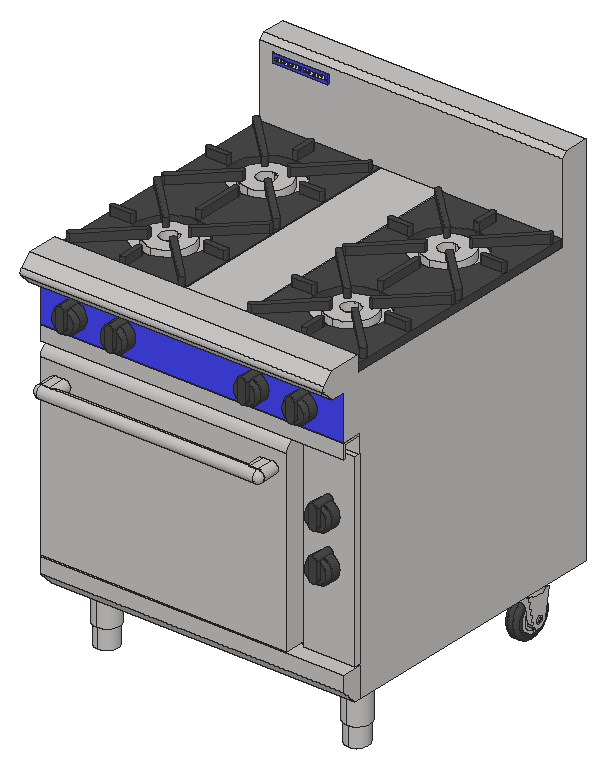
Revit family "QF_MOFFAT_BLUESEAL_CE_GE505D", category Specialty Equipment, Revit 2012 (continued)
Lines and regions (mm)
  symbolic lines
    curve 127: line (628.593, -512.407, 0) -> (741.73, -399.27, 0)
    curve 128: line (571.407, -562.593, 0) -> (458.27, -675.73, 0)
    curve 129: line (628.593, -562.593, 0) -> (741.73, -675.73, 0)
    curve 130: line (599.966, -96.281, 0) -> (599.966, -149.16, 0)
    curve 131: line (571.407, -269.593, 0) -> (458.27, -382.73, 0)
    curve 132: line (628.593, -269.593, 0) -> (741.73, -382.73, 0)
    curve 133: line (571.407, -205.407, 0) -> (458.27, -92.27, 0)
    curve 134: line (628.593, -205.407, 0) -> (741.73, -92.27, 0)
    curve 135: line (740.74, -241, 0) -> (690.74, -241, 0)
    curve 136: line (458.233, -241, 0) -> (509.959, -241, 0)
    curve 137: arc (600, -322.5, 150) -> (515, -237.5, 150) -> (600, -152.5, 150) r 85
    curve 138: arc (600, -152.5, 150) -> (685, -237.5, 150) -> (600, -322.5, 150) r 85
    curve 139: arc (600, -180.5, 150) -> (543, -237.5, 150) -> (600, -294.5, 150) r 57
    curve 140: arc (600, -294.5, 150) -> (657, -237.5, 150) -> (600, -180.5, 150) r 57
    curve 141: arc (600, -259.5, 150) -> (578, -237.5, 150) -> (600, -215.5, 150) r 22
    curve 142: arc (600, -215.5, 150) -> (622, -237.5, 150) -> (600, -259.5, 150) r 22
    curve 143: line (149.988, -331.778, 0) -> (149.988, -448.358, 0)
    curve 144: line (150.034, -681.268, 0) -> (150.034, -628.558, 0)
    curve 145: line (9.26, -537.634, 0) -> (59.26, -537.634, 0)
    curve 146: line (178.593, -512.407, 0) -> (291.73, -399.27, 0)
    curve 147: line (291.767, -537.634, 0) -> (240.041, -537.634, 0)
    curve 148: arc (150, -480.5, 150) -> (207, -537.5, 150) -> (150, -594.5, 150) r 57
    curve 149: arc (150, -594.5, 150) -> (93, -537.5, 150) -> (150, -480.5, 150) r 57
    curve 150: arc (150, -622.768, 150) -> (235, -537.768, 150) -> (150, -452.768, 150) r 85
    curve 151: arc (150, -452.768, 150) -> (65, -537.768, 150) -> (150, -622.768, 150) r 85
    curve 152: arc (150, -515.5, 150) -> (128, -537.5, 150) -> (150, -559.5, 150) r 22
    curve 153: arc (150, -559.5, 150) -> (172, -537.5, 150) -> (150, -515.5, 150) r 22
    curve 154: line (121.407, -512.407, 0) -> (8.27, -399.27, 0)
    curve 155: line (178.593, -562.593, 0) -> (291.73, -675.73, 0)
    curve 156: line (121.407, -562.593, 0) -> (8.27, -675.73, 0)
    curve 157: line (150.034, -96.281, 0) -> (150.034, -149.16, 0)
    curve 158: line (178.593, -269.593, 0) -> (291.73, -382.73, 0)
    curve 159: line (121.407, -269.593, 0) -> (8.27, -382.73, 0)
    curve 160: line (9.26, -241, 0) -> (59.26, -241, 0)
    curve 161: line (291.767, -241, 0) -> (240.041, -241, 0)
    curve 162: arc (150, -322.5, 150) -> (235, -237.5, 150) -> (150, -152.5, 150) r 85
    curve 163: arc (150, -152.5, 150) -> (65, -237.5, 150) -> (150, -322.5, 150) r 85
    curve 164: arc (150, -180.5, 150) -> (207, -237.5, 150) -> (150, -294.5, 150) r 57
    curve 165: arc (150, -294.5, 150) -> (93, -237.5, 150) -> (150, -180.5, 150) r 57
    curve 166: arc (150, -259.5, 150) -> (172, -237.5, 150) -> (150, -215.5, 150) r 22
    curve 167: arc (150, -215.5, 150) -> (128, -237.5, 150) -> (150, -259.5, 150) r 22
    curve 168: line (178.593, -205.407, 0) -> (291.73, -92.27, 0)
    curve 169: line (121.407, -205.407, 0) -> (8.27, -92.27, 0)
    curve 170: line (32.794, -18.385, 150) -> (260.753, -18.385, 150)
    curve 171: arc (260.753, -18.385, 150) -> (265.753, -19.725, 150) -> (269.413, -23.385, 150) r 10
    curve 172: line (269.413, -23.385, 150) -> (273.455, -30.385, 150)
    curve 173: arc (273.455, -30.385, 150) -> (273.455, -40.385, 150) -> (264.794, -45.385, 150) r 10
    curve 174: line (264.794, -45.385, 150) -> (36.836, -45.385, 150)
    curve 175: arc (36.836, -45.385, 150) -> (31.836, -44.045, 150) -> (28.176, -40.385, 150) r 10
    curve 176: line (28.176, -40.385, 150) -> (24.134, -33.385, 150)
    curve 177: arc (24.134, -33.385, 150) -> (24.134, -23.385, 150) -> (32.794, -18.385, 150) r 10
    curve 178: line (710.753, -18.385, 150) -> (482.794, -18.385, 150)
    curve 179: arc (482.794, -18.385, 150) -> (474.134, -23.385, 150) -> (474.134, -33.385, 150) r 10
    curve 180: line (474.134, -33.385, 150) -> (478.176, -40.385, 150)
    curve 181: arc (478.176, -40.385, 150) -> (481.836, -44.045, 150) -> (486.836, -45.385, 150) r 10
    curve 182: line (486.836, -45.385, 150) -> (714.794, -45.385, 150)
    curve 183: arc (714.794, -45.385, 150) -> (723.455, -40.385, 150) -> (723.455, -30.385, 150) r 10
    curve 184: line (723.455, -30.385, 150) -> (719.413, -23.385, 150)
    curve 185: arc (719.413, -23.385, 150) -> (715.753, -19.725, 150) -> (710.753, -18.385, 150) r 10
    curve 186: line (0, -783.97, 150) -> (750, -783.97, 150)
    curve 187: line (0, -57.5, 150) -> (750, -57.5, 150)
  symbolic lines, style "QF_Door-Drawer Clearances", visible <- "Show Clearance"
    curve 116: line (0, -812, 0) -> (0, -1211.516, 0)
    curve 117: line (0, -1211.516, 0) -> (610, -1211.516, 0)
    curve 118: line (610, -1211.516, 0) -> (610, -812, 0)
Dimensions and locks
  equal spacing: plane 3 "LEFT", plane 7 "Center Y", plane 4 "RIGHT"
  "Width": plane 3 "LEFT" to plane 4 "RIGHT"
  equal spacing: plane 5 "FRONT", plane 8 "Center X", plane 1 "BACK"
  "Depth": plane 5 "FRONT" to plane 1 "BACK"
  equal spacing: plane 4 "RIGHT", plane 7 "Center Y", plane 3 "LEFT"
  plane 4 "RIGHT" to plane 3 "LEFT" = 750 mm
  plane 6 "TOP" to level = 970 mm  (x2)
  Extrusion 2 to level = 655 mm
  Extrusion 2 to plane 1 "BACK" = 32 mm
  plane 5 "FRONT" to plane 1 "BACK" = 812 mm
  Extrusion 1 to level = 915 mm
  plane 10 "Base Height" to level = 150 mm
  plane 6 "TOP" to plane 2 = 970 mm
  locked: plane 2 to Extrusion 1 sketch curve at 875
  locked: plane 2 to Extrusion 1 sketch curve at 915
  Extrusion 4 sketch curve to plane 11 = 64.8 mm
  locked: plane 13 to plane 4 "RIGHT" at 65
  plane 14 to Extrusion 9 sketch curve = 64.8 mm
  plane 1 "BACK" to plane 15 = 500 mm
  plane 17 to level = 1085 mm
  Extrusion 29 sketch curve to plane 1 "BACK" = 501 mm
  Extrusion 29 sketch curve to plane 4 "RIGHT" = 74 mm
  "Height": plane 17 to level
  Revolve 33 sketch curve to Revolve 33 sketch curve = 50.8 mm
  Revolve 37 sketch curve to Revolve 37 sketch curve = 50.8 mm
  aligned and locked: level to plane 2
  aligned and locked: curve 3 to plane 4 "RIGHT"
  aligned and locked: Extrusion 4 to curve 7
  aligned and locked: Extrusion 1 to plane 4 "RIGHT"
  aligned and locked: Revolve 6 to plane 13  (x5)
  aligned and locked: Extrusion 7 to Extrusion 4
Automatic sketch dimensions
  curve 8 to curve 9 = 0 mm  (x2)
  curve 10 to curve 11 = 0 mm  (x2)
  curve 12 to curve 13 = 0 mm  (x2)
  curve 14 to curve 15 = 0 mm  (x2)
  curve 16 to curve 17 = 0 mm  (x2)
  curve 18 to curve 19 = 0 mm  (x2)
  curve 20 to curve 21 = 0 mm  (x2)
  curve 22 to curve 23 = 0 mm  (x2)
  curve 24 to curve 25 = 0 mm  (x2)
  curve 26 to curve 27 = 0 mm  (x2)
  curve 28 to curve 29 = 0 mm  (x2)
  curve 30 to curve 31 = 0 mm  (x2)
  curve 32 to curve 33 = 0 mm  (x2)
  curve 34 to curve 35 = 0 mm  (x2)
  curve 36 to curve 37 = 0 mm  (x2)
  curve 38 to curve 39 = 0 mm  (x2)
  curve 40 to curve 41 = 0 mm  (x2)
  curve 42 to curve 43 = 0 mm  (x2)
  curve 44 to curve 45 = 0 mm  (x2)
  curve 46 to curve 47 = 0 mm  (x2)
  curve 48 to curve 49 = 0 mm  (x2)
  curve 50 to curve 51 = 0 mm  (x2)
  curve 52 to curve 53 = 0 mm  (x2)
  curve 54 to curve 55 = 0 mm  (x2)
  curve 56 to curve 57 = 0 mm  (x2)
  curve 58 to curve 59 = 0 mm  (x2)
  curve 60 to curve 61 = 0 mm  (x2)
  curve 62 to curve 63 = 0 mm  (x2)
  curve 64 to curve 65 = 0 mm  (x2)
  curve 66 to curve 67 = 0 mm  (x2)
  curve 68 to curve 69 = 0 mm  (x2)
  curve 70 to curve 71 = 0 mm  (x2)
  curve 72 to curve 73 = 0 mm  (x2)
  curve 74 to curve 75 = 0 mm  (x2)
  curve 76 to curve 77 = 0 mm  (x2)
  curve 78 to curve 79 = 0 mm  (x2)
  curve 80 to curve 81 = 0 mm  (x2)
  curve 82 to curve 83 = 0 mm  (x2)
  curve 84 to curve 85 = 0 mm  (x2)
  curve 86 to curve 87 = 0 mm  (x2)
  curve 88 to curve 89 = 0 mm  (x2)
  curve 90 to curve 91 = 0 mm  (x2)
  curve 92 to curve 93 = 0 mm  (x2)
  curve 94 to curve 95 = 0 mm  (x2)
  curve 96 to curve 97 = 0 mm  (x2)
  curve 98 to curve 99 = 0 mm  (x2)
  curve 100 to curve 101 = 0 mm  (x2)
  curve 102 to curve 103 = 0 mm  (x2)
  curve 104 to curve 105 = 0 mm  (x2)
  curve 106 to curve 107 = 0 mm  (x2)
  curve 108 to curve 109 = 0 mm  (x2)
  plane 1 "BACK" to curve 1 = 0 mm
  curve 1 to plane 3 "LEFT" = 0 mm
  curve 71 to plane 7 "Center Y" = 0 mm
  curve 52 to plane 7 "Center Y" = 0 mm
  curve 22 to plane 7 "Center Y" = 0 mm
  curve 17 to plane 7 "Center Y" = 0 mm
  curve 11 to plane 7 "Center Y" = 0 mm
  curve 47 to plane 7 "Center Y" = 0 mm
  curve 58 to plane 7 "Center Y" = 0 mm
  curve 107 to plane 7 "Center Y" = 0 mm
  curve 64 to plane 7 "Center Y" = 0 mm
  curve 101 to plane 7 "Center Y" = 0 mm
  curve 41 to plane 7 "Center Y" = 0 mm
  curve 28 to plane 7 "Center Y" = 0 mm
  curve 95 to plane 7 "Center Y" = 0 mm
  curve 76 to plane 7 "Center Y" = 0 mm
  curve 89 to plane 7 "Center Y" = 0 mm
  curve 35 to plane 7 "Center Y" = 0 mm
  curve 82 to plane 7 "Center Y" = 0 mm
  plane 5 "FRONT" to curve 118 = 0 mm
  plane 3 "LEFT" to curve 159 = 8.27 mm
  plane 3 "LEFT" to curve 156 = 8.27 mm
  plane 3 "LEFT" to curve 154 = 8.27 mm
  plane 3 "LEFT" to curve 169 = 8.27 mm
  plane 3 "LEFT" to curve 145 = 9.26 mm
  plane 3 "LEFT" to curve 160 = 9.26 mm
  curve 145 to curve 145 = 50 mm
  curve 160 to curve 160 = 50 mm
  curve 145 to curve 156 = 62.147 mm
  curve 160 to curve 169 = 62.147 mm
  curve 159 to curve 169 = 0 mm
  curve 154 to plane 15 = 12.407 mm
  curve 154 to curve 156 = 0 mm
  curve 154 to curve 143 = 28.581 mm
  curve 156 to curve 144 = 28.628 mm
  curve 169 to curve 157 = 28.628 mm
  curve 159 to curve 158 = 57.187 mm
  curve 169 to curve 168 = 57.187 mm
  curve 146 to plane 15 = 12.407 mm
  curve 154 to curve 146 = 57.187 mm
  curve 155 to plane 15 = 62.593 mm
  curve 155 to curve 146 = 0 mm
  curve 158 to curve 161 = 61.447 mm
  curve 155 to curve 147 = 61.447 mm
  plane 8 "Center X" to curve 146 = 6.73 mm
  curve 146 to curve 7 = 8.27 mm  (x2)
  curve 155 to curve 119 = 8.27 mm
  plane 9 to curve 168 = 7.73 mm
  curve 168 to curve 119 = 8.27 mm
  plane 8 "Center X" to curve 158 = 23.27 mm
  curve 158 to curve 7 = 8.27 mm
  curve 147 to curve 147 = 51.727 mm
  curve 161 to curve 161 = 51.727 mm
  curve 15 to curve 16 = 47.424 mm
  curve 9 to curve 14 = 0 mm
  curve 20 to curve 14 = 0 mm
  curve 155 to curve 105 = 35.846 mm
  curve 99 to curve 104 = 0 mm
  curve 26 to curve 20 = 0 mm
  curve 93 to curve 98 = 0 mm
  curve 87 to curve 92 = 0 mm
  curve 32 to curve 26 = 0 mm
  curve 81 to curve 86 = 0 mm
  plane 15 to curve 75 = 2.963 mm
  curve 75 to curve 80 = 0 mm
  curve 38 to curve 32 = 0 mm
  curve 68 to curve 74 = 0 mm
  curve 63 to curve 68 = 0 mm
  curve 44 to curve 38 = 0 mm
  plane 8 "Center X" to curve 57 = 10.963 mm
  curve 57 to curve 62 = 0 mm
  curve 51 to curve 56 = 0 mm
  curve 85 to plane 15 = 31.037 mm
  curve 82 to curve 85 = 47.424 mm
  curve 29 to curve 31 = 47.424 mm
  curve 36 to curve 30 = 0 mm
  plane 15 to curve 79 = 2.963 mm
  curve 79 to curve 84 = 0 mm
  curve 90 to curve 84 = 0 mm
  curve 73 to curve 78 = 0 mm
  curve 96 to curve 90 = 0 mm
  curve 25 to curve 30 = 0 mm
  curve 42 to curve 36 = 0 mm
  curve 67 to curve 72 = 0 mm
  curve 102 to curve 96 = 0 mm
  plane 8 "Center X" to curve 61 = 10.963 mm
  curve 61 to curve 66 = 0 mm
  curve 108 to curve 102 = 0 mm
  curve 48 to curve 42 = 0 mm
  curve 12 to plane 9 = 15.037 mm
  curve 10 to curve 12 = 47.424 mm
  curve 55 to curve 60 = 0 mm
  curve 18 to curve 12 = 0 mm
  curve 12 to curve 120 = 27.576 mm
  curve 36 to curve 136 = 35.809 mm
  curve 84 to curve 115 = 35.809 mm
  plane 9 to curve 133 = 7.73 mm
  curve 120 to curve 133 = 8.27 mm
  curve 120 to curve 128 = 8.27 mm
  plane 8 "Center X" to curve 113 = 6.73 mm
  curve 114 to curve 113 = 8.27 mm
  plane 8 "Center X" to curve 131 = 23.27 mm
  curve 114 to curve 131 = 8.27 mm
  curve 115 to curve 115 = 51.727 mm
  curve 136 to curve 136 = 51.727 mm
  curve 128 to plane 12 = 48.593 mm
  curve 131 to plane 12 = 48.593 mm
  curve 113 to plane 15 = 12.407 mm
  curve 113 to plane 12 = 48.593 mm
  curve 133 to plane 12 = 48.593 mm
  plane 9 to curve 130 = 3.719 mm
  curve 130 to plane 12 = 20.034 mm
  curve 111 to plane 12 = 20.034 mm
  curve 110 to plane 12 = 19.988 mm
  curve 118 to plane 12 = 10 mm
  plane 12 to curve 129 = 8.593 mm
  plane 12 to curve 132 = 8.593 mm
  plane 12 to curve 134 = 8.593 mm
  plane 12 to curve 127 = 8.593 mm
  curve 112 to plane 13 = 5.74 mm
  curve 135 to plane 13 = 5.74 mm
  plane 4 "RIGHT" to curve 112 = 9.26 mm
  plane 4 "RIGHT" to curve 135 = 9.26 mm
  plane 4 "RIGHT" to curve 134 = 8.27 mm
  plane 4 "RIGHT" to curve 132 = 8.27 mm
  plane 4 "RIGHT" to curve 129 = 8.27 mm
  plane 4 "RIGHT" to curve 127 = 8.27 mm
  curve 117 to curve 118 = 399.516 mm
  curve 119 to plane 5 "FRONT" = 107 mm
  curve 111 to plane 5 "FRONT" = 130.732 mm
  curve 144 to curve 155 = 118.675 mm
  curve 119 to curve 155 = 29.27 mm
  curve 120 to curve 128 = 29.27 mm
  curve 5 to curve 129 = 29.27 mm
  curve 5 to curve 156 = 29.27 mm
  curve 128 to curve 109 = 8.693 mm
  curve 155 to curve 104 = 8.693 mm
  curve 106 to curve 108 = 0 mm
  curve 106 to curve 106 = 8 mm
  curve 104 to curve 105 = 8 mm
  curve 108 to curve 109 = 8 mm
  curve 106 to curve 100 = 18 mm
  curve 104 to curve 99 = 18 mm
  curve 108 to curve 102 = 18 mm
  curve 144 to curve 144 = 52.71 mm
  curve 111 to curve 111 = 52.71 mm
  curve 98 to curve 98 = 8 mm
  curve 100 to curve 100 = 8 mm
  curve 102 to curve 102 = 8 mm
  curve 98 to curve 93 = 18 mm
  curve 102 to curve 97 = 18 mm
  curve 100 to curve 94 = 18 mm
  curve 92 to curve 93 = 8 mm
  curve 94 to curve 94 = 8 mm
  curve 96 to curve 97 = 8 mm
  curve 92 to curve 87 = 18 mm
  curve 94 to curve 88 = 18 mm
  curve 96 to curve 90 = 18 mm
  curve 156 to curve 154 = 50.187 mm
  curve 128 to curve 113 = 50.187 mm
  curve 128 to curve 129 = 0 mm
  curve 90 to curve 90 = 8 mm
  curve 88 to curve 89 = 8 mm
  curve 86 to curve 87 = 8 mm
  curve 115 to curve 84 = 6.597 mm
  curve 147 to plane 15 = 37.634 mm
  curve 112 to plane 15 = 37.634 mm
  curve 145 to plane 15 = 37.634 mm
  curve 86 to curve 80 = 18 mm
  curve 88 to curve 82 = 18 mm
  curve 84 to curve 84 = 8 mm
  curve 80 to curve 81 = 8 mm
  curve 82 to curve 82 = 8 mm
  curve 127 to plane 15 = 12.407 mm
  plane 15 to curve 77 = 2.963 mm
  curve 78 to curve 79 = 8 mm
  curve 74 to curve 74 = 8 mm
  curve 76 to curve 76 = 8 mm
  curve 76 to curve 71 = 18 mm
  curve 74 to curve 68 = 18 mm
  curve 78 to curve 73 = 18 mm
  curve 72 to curve 73 = 8 mm
  curve 68 to curve 69 = 8 mm
  curve 70 to curve 70 = 8 mm
  curve 143 to plane 8 "Center X" = 42.358 mm
  curve 110 to plane 8 "Center X" = 42.358 mm
  curve 72 to curve 67 = 18 mm
  curve 68 to curve 63 = 18 mm
  curve 70 to curve 64 = 18 mm
  curve 66 to curve 66 = 8 mm
  curve 62 to curve 63 = 8 mm
  curve 64 to curve 65 = 8 mm
  plane 8 "Center X" to curve 127 = 6.73 mm
  plane 8 "Center X" to curve 154 = 6.73 mm
  plane 8 "Center X" to curve 59 = 10.963 mm
  curve 113 to curve 114 = 8.27 mm
  curve 58 to curve 59 = 8 mm
  curve 60 to curve 61 = 8 mm
  curve 56 to curve 56 = 8 mm
  curve 114 to curve 132 = 8.27 mm
  curve 7 to curve 159 = 8.27 mm
  curve 56 to curve 51 = 18 mm
  curve 60 to curve 54 = 18 mm
  curve 58 to curve 52 = 18 mm
  curve 52 to curve 52 = 8 mm
  curve 54 to curve 55 = 8 mm
  curve 50 to curve 50 = 8 mm
  plane 8 "Center X" to curve 143 = 74.222 mm
  curve 50 to curve 45 = 18 mm
  curve 54 to curve 49 = 18 mm
  curve 52 to curve 47 = 18 mm
  plane 8 "Center X" to curve 110 = 80 mm
  curve 48 to curve 49 = 8 mm
  curve 44 to curve 45 = 8 mm
  curve 46 to curve 46 = 8 mm
  curve 46 to curve 40 = 18 mm
  curve 44 to curve 38 = 18 mm
  curve 48 to curve 43 = 18 mm
  curve 38 to curve 38 = 8 mm
  curve 40 to curve 41 = 8 mm
  curve 42 to curve 43 = 8 mm
  curve 143 to curve 158 = 62.185 mm
  curve 110 to curve 132 = 56.407 mm
  curve 131 to curve 132 = 0 mm
  curve 159 to curve 158 = 0 mm
  curve 40 to curve 34 = 18 mm
  curve 42 to curve 37 = 18 mm
  curve 38 to curve 32 = 18 mm
  curve 36 to curve 36 = 8 mm
  curve 34 to curve 34 = 8 mm
  curve 32 to curve 33 = 8 mm
  curve 32 to curve 161 = 2.037 mm
  curve 36 to curve 136 = 2.037 mm
  curve 159 to curve 160 = 28.593 mm
  curve 132 to curve 135 = 28.593 mm
  curve 32 to curve 26 = 18 mm
  curve 34 to curve 28 = 18 mm
  curve 36 to curve 31 = 18 mm
  curve 30 to curve 30 = 8 mm
  curve 28 to curve 28 = 8 mm
  curve 26 to curve 26 = 8 mm
  curve 131 to curve 133 = 64.187 mm
  curve 158 to curve 168 = 64.187 mm
  curve 169 to curve 168 = 0 mm
  curve 133 to curve 134 = 0 mm
  curve 28 to curve 22 = 18 mm
  curve 30 to curve 24 = 18 mm
  curve 26 to curve 21 = 18 mm
  curve 20 to curve 20 = 8 mm
  curve 24 to curve 25 = 8 mm
  curve 22 to curve 22 = 8 mm
  curve 20 to curve 15 = 18 mm
  curve 22 to curve 17 = 18 mm
  curve 24 to curve 19 = 18 mm
  curve 157 to plane 9 = 49.16 mm
  curve 130 to plane 9 = 49.16 mm
  curve 14 to curve 14 = 8 mm
  curve 16 to curve 17 = 8 mm
  curve 18 to curve 19 = 8 mm
  curve 16 to curve 11 = 18 mm
  curve 12 to curve 12 = 8 mm
  curve 14 to curve 9 = 18 mm
  curve 8 to curve 9 = 8 mm
  curve 10 to curve 11 = 8 mm
  plane 9 to curve 157 = 3.719 mm
  plane 9 to curve 169 = 7.73 mm
  plane 9 to curve 134 = 7.73 mm
  curve 133 to curve 120 = 18.27 mm
  curve 134 to curve 6 = 22.27 mm
  Extrusion 1 sketch curve to plane 10 "Base Height" = 0 mm
  Extrusion 1 sketch curve to plane 17 = 0 mm
  Extrusion 1 sketch curve to plane 1 "BACK" = 0 mm
  plane 9 to Extrusion 1 sketch curve = 42.5 mm
  plane 9 to Extrusion 1 sketch curve = 30 mm
  Extrusion 1 sketch curve to plane 5 "FRONT" = 113 mm
  Extrusion 1 sketch curve to plane 5 "FRONT" = 107 mm
  Extrusion 1 sketch curve to Extrusion 1 sketch curve = 50 mm
  Extrusion 1 sketch curve to plane 5 "FRONT" = 28.03 mm
  Extrusion 1 sketch curve to plane 5 "FRONT" = 27.03 mm
  Extrusion 1 sketch curve to plane 5 "FRONT" = 12.032 mm
  Extrusion 1 sketch curve to plane 5 "FRONT" = 3.531 mm  (x2)
  Extrusion 1 sketch curve to Extrusion 1 sketch curve = 135 mm
  Extrusion 1 sketch curve to Extrusion 1 sketch curve = 25 mm
  Extrusion 1 sketch curve to Extrusion 1 sketch curve = 23.499 mm
  Extrusion 1 sketch curve to Extrusion 1 sketch curve = 8.501 mm
  Extrusion 1 sketch curve to plane 17 = 12.5 mm
  plane 12 to Extrusion 2 sketch curve = 0.062 mm
  plane 1 "BACK" to Extrusion 2 sketch curve = 32 mm
  Revolve 3 sketch curve to plane 10 "Base Height" = 0 mm
  Revolve 3 sketch curve to level = 0 mm
  level to Revolve 3 sketch curve = 50 mm
  Revolve 3 sketch curve to plane 5 "FRONT" = 155.25 mm
  Revolve 3 sketch curve to Revolve 3 sketch curve = 4.25 mm
  Revolve 3 sketch curve to Revolve 3 sketch curve = 27.5 mm  (x2)
  Revolve 3 sketch curve to Revolve 3 sketch curve = 55 mm
  Revolve 3 sketch curve to Revolve 3 sketch curve = 0 mm
  plane 9 to Extrusion 4 sketch curve = 29 mm
  Extrusion 4 sketch curve to Extrusion 4 sketch curve = 3 mm  (x3)
  Extrusion 4 sketch curve to plane 9 = 137.5 mm
  Extrusion 4 sketch curve to plane 15 = 37.768 mm
  Extrusion 4 sketch curve to plane 5 "FRONT" = 110 mm  (x2)
  Extrusion 4 sketch curve to plane 11 = 84.2 mm  (x2)
  Extrusion 4 sketch curve to plane 7 "Center Y" = 78 mm
  Extrusion 5 sketch curve to Extrusion 4 = 19.102 mm  (x4)
  Extrusion 5 sketch curve to Extrusion 5 sketch curve = 4.525 mm  (x32)
  Extrusion 5 sketch curve to Extrusion 4 = 27.593 mm  (x2)
  Extrusion 5 sketch curve to Extrusion 5 sketch curve = 48.456 mm  (x8)
  Extrusion 5 sketch curve to Extrusion 5 sketch curve = 50.976 mm  (x2)
  Extrusion 5 sketch curve to Extrusion 5 sketch curve = 0 mm  (x8)
  Extrusion 5 sketch curve to Extrusion 5 sketch curve = 27.39 mm  (x4)
  Extrusion 5 sketch curve to Extrusion 4 = 9.156 mm  (x2)
  Extrusion 5 sketch curve to Extrusion 5 sketch curve = 6.4 mm  (x14)
  Extrusion 5 sketch curve to Extrusion 5 sketch curve = 20.658 mm  (x4)
  Extrusion 5 sketch curve to Extrusion 5 sketch curve = 55.923 mm  (x2)
  Extrusion 5 sketch curve to Extrusion 4 = 5.102 mm  (x3)
  Extrusion 5 sketch curve to Extrusion 5 sketch curve = 128.581 mm  (x4)
  Extrusion 4 to Extrusion 5 sketch curve = 156.102 mm  (x3)
  Extrusion 5 sketch curve to Extrusion 4 = 6.102 mm  (x2)
  Extrusion 5 sketch curve to Extrusion 4 = 14.153 mm
  Extrusion 5 sketch curve to Extrusion 5 sketch curve = 12.205 mm  (x4)
  Extrusion 5 sketch curve to Extrusion 5 sketch curve = 112.454 mm  (x2)
  Extrusion 5 sketch curve to Extrusion 5 sketch curve = 59.673 mm  (x2)
  Extrusion 5 sketch curve to Extrusion 5 sketch curve = 17.024 mm  (x4)
  Extrusion 5 sketch curve to Extrusion 5 sketch curve = 46.847 mm  (x4)
  Extrusion 5 sketch curve to Extrusion 5 sketch curve = 62.169 mm  (x2)
  Extrusion 5 sketch curve to Extrusion 4 = 36.153 mm  (x4)
  Extrusion 5 sketch curve to Extrusion 4 = 23.4 mm  (x2)
  Extrusion 5 sketch curve to Extrusion 5 sketch curve = 55.413 mm  (x5)
  Extrusion 5 sketch curve to Extrusion 5 sketch curve = 20.524 mm  (x6)
  Extrusion 5 sketch curve to Extrusion 5 sketch curve = 53.847 mm  (x8)
  Extrusion 5 sketch curve to Extrusion 4 = 58.364 mm  (x2)
  Extrusion 5 sketch curve to Extrusion 4 = 15.153 mm
  Extrusion 5 sketch curve to Extrusion 4 = 9.908 mm  (x2)
  Extrusion 5 sketch curve to Extrusion 5 sketch curve = 9.051 mm
  Extrusion 5 sketch curve to Extrusion 5 sketch curve = 3.806 mm  (x2)
  Extrusion 5 sketch curve to Extrusion 5 sketch curve = 55.661 mm  (x3)
  Extrusion 5 sketch curve to Extrusion 5 sketch curve = 128.447 mm  (x3)
  Revolve 6 sketch curve to plane 10 "Base Height" = 0 mm
  Revolve 6 sketch curve to level = 0 mm
  level to Revolve 6 sketch curve = 50 mm
  Revolve 6 sketch curve to plane 5 "FRONT" = 155.25 mm
  Revolve 6 sketch curve to Revolve 6 sketch curve = 4.25 mm
  Revolve 6 sketch curve to Revolve 6 sketch curve = 27.5 mm  (x2)
  Revolve 6 sketch curve to Revolve 6 sketch curve = 0 mm
  Revolve 6 sketch curve to Revolve 6 sketch curve = 55 mm
  Extrusion 1 to Extrusion 7 sketch curve = 0 mm
  Extrusion 7 sketch curve to Extrusion 1 = 1 mm
  Extrusion 1 to Extrusion 7 sketch curve = 300 mm
  Extrusion 7 sketch curve to Extrusion 7 sketch curve = 150 mm
  plane 12 to Extrusion 8 sketch curve = 5 mm
  Extrusion 8 sketch curve to plane 6 "TOP" = 277.5 mm
  Extrusion 8 sketch curve to plane 12 = 10 mm
  plane 10 "Base Height" to Extrusion 8 sketch curve = 77.5 mm
  Split face 1 sketch curve to Extrusion 7 = 45.037 mm
  Split face 1 sketch curve to Extrusion 7 = 27.576 mm
  Split face 2 sketch curve to Extrusion 7 = 45.037 mm
  Split face 2 sketch curve to Extrusion 7 = 75 mm
  Split face 3 sketch curve to Extrusion 7 = 45.037 mm
  Split face 3 sketch curve to Extrusion 7 = 27.576 mm
  Split face 4 sketch curve to Extrusion 7 = 27.576 mm
  Split face 4 sketch curve to Extrusion 7 = 79.037 mm
  Split face 5 sketch curve to Extrusion 7 = 79.037 mm
  Split face 5 sketch curve to Extrusion 7 = 75 mm
  Split face 6 sketch curve to Extrusion 7 = 27.576 mm
  Split face 6 sketch curve to Extrusion 7 = 79.037 mm
  Split face 7 sketch curve to Extrusion 7 = 27.576 mm
  Split face 7 sketch curve to Extrusion 7 = 113.037 mm
  Split face 8 sketch curve to Extrusion 7 = 113.037 mm
  Split face 8 sketch curve to Extrusion 7 = 75 mm
  Split face 9 sketch curve to Extrusion 7 = 27.576 mm
  Split face 9 sketch curve to Extrusion 7 = 113.037 mm
  Split face 10 sketch curve to Extrusion 7 = 27.576 mm
  Split face 10 sketch curve to Extrusion 7 = 147.037 mm
  Split face 11 sketch curve to Extrusion 7 = 147.037 mm
  Split face 11 sketch curve to Extrusion 7 = 75 mm
  Split face 12 sketch curve to Extrusion 7 = 27.576 mm
  Split face 12 sketch curve to Extrusion 7 = 147.037 mm
  Split face 13 sketch curve to Extrusion 7 = 27.576 mm
  Split face 13 sketch curve to Extrusion 7 = 181.037 mm
  Split face 14 sketch curve to Extrusion 7 = 75 mm
  Split face 14 sketch curve to Extrusion 7 = 181.037 mm
  Split face 15 sketch curve to Extrusion 7 = 27.576 mm
  Split face 15 sketch curve to Extrusion 7 = 181.037 mm
  Split face 16 sketch curve to Extrusion 7 = 27.576 mm
  Split face 16 sketch curve to Extrusion 7 = 215.037 mm
  Split face 17 sketch curve to Extrusion 7 = 75 mm
  Split face 17 sketch curve to Extrusion 7 = 215.037 mm
  Split face 18 sketch curve to Extrusion 7 = 27.576 mm
  Split face 18 sketch curve to Extrusion 7 = 215.037 mm
  Split face 19 sketch curve to Extrusion 7 = 27.576 mm
  Split face 19 sketch curve to Extrusion 7 = 249.037 mm
  Split face 20 sketch curve to Extrusion 7 = 75 mm
  Split face 20 sketch curve to Extrusion 7 = 249.037 mm
  Split face 21 sketch curve to Extrusion 7 = 27.576 mm
  Split face 21 sketch curve to Extrusion 7 = 249.037 mm
  Split face 22 sketch curve to Extrusion 7 = 27.576 mm
  Split face 22 sketch curve to Extrusion 7 = 283.037 mm
  Split face 23 sketch curve to Extrusion 7 = 75 mm
  Split face 23 sketch curve to Extrusion 7 = 283.037 mm
  Split face 24 sketch curve to Extrusion 7 = 27.576 mm
  Split face 24 sketch curve to Extrusion 7 = 283.037 mm
  Split face 25 sketch curve to Extrusion 7 = 27.576 mm
  Split face 25 sketch curve to Extrusion 7 = 316.963 mm
  Split face 26 sketch curve to Extrusion 7 = 75 mm
  Split face 26 sketch curve to Extrusion 7 = 316.963 mm
  Split face 27 sketch curve to Extrusion 7 = 27.576 mm
  Split face 27 sketch curve to Extrusion 7 = 316.963 mm
  Split face 28 sketch curve to Extrusion 7 = 27.576 mm
  Split face 28 sketch curve to Extrusion 7 = 282.963 mm
  Split face 29 sketch curve to Extrusion 7 = 75 mm
  Split face 29 sketch curve to Extrusion 7 = 282.963 mm
  Split face 30 sketch curve to Extrusion 7 = 27.576 mm
  Split face 30 sketch curve to Extrusion 7 = 282.963 mm
  Split face 31 sketch curve to Extrusion 7 = 27.576 mm
  Split face 31 sketch curve to Extrusion 7 = 248.963 mm
  Split face 32 sketch curve to Extrusion 7 = 75 mm
  Split face 32 sketch curve to Extrusion 7 = 248.963 mm
  Split face 33 sketch curve to Extrusion 7 = 27.576 mm
  Split face 33 sketch curve to Extrusion 7 = 248.963 mm
  Split face 34 sketch curve to Extrusion 7 = 27.576 mm
  Split face 34 sketch curve to Extrusion 7 = 214.963 mm
  Split face 35 sketch curve to Extrusion 7 = 75 mm
  Split face 35 sketch curve to Extrusion 7 = 214.963 mm
  Split face 36 sketch curve to Extrusion 7 = 27.576 mm
  Split face 36 sketch curve to Extrusion 7 = 214.963 mm
  Split face 37 sketch curve to Extrusion 7 = 27.576 mm
  Split face 37 sketch curve to Extrusion 7 = 180.963 mm
  Split face 38 sketch curve to Extrusion 7 = 75 mm
  Split face 38 sketch curve to Extrusion 7 = 180.963 mm
  Split face 39 sketch curve to Extrusion 7 = 27.576 mm
  Split face 39 sketch curve to Extrusion 7 = 180.963 mm
  Split face 40 sketch curve to Extrusion 7 = 27.576 mm
  Split face 40 sketch curve to Extrusion 7 = 146.963 mm
  Split face 41 sketch curve to Extrusion 7 = 146.963 mm
  Split face 41 sketch curve to Extrusion 7 = 75 mm
  Split face 42 sketch curve to Extrusion 7 = 27.576 mm
  Split face 42 sketch curve to Extrusion 7 = 146.963 mm
  Split face 43 sketch curve to Extrusion 7 = 27.576 mm
  Split face 43 sketch curve to Extrusion 7 = 112.963 mm
  Split face 44 sketch curve to Extrusion 7 = 112.963 mm
  Split face 44 sketch curve to Extrusion 7 = 75 mm
  Split face 45 sketch curve to Extrusion 7 = 27.576 mm
  Split face 45 sketch curve to Extrusion 7 = 112.963 mm
  Split face 46 sketch curve to Extrusion 7 = 27.576 mm
  Split face 46 sketch curve to Extrusion 7 = 78.963 mm
  Split face 47 sketch curve to Extrusion 7 = 78.963 mm
  Split face 47 sketch curve to Extrusion 7 = 75 mm
  Split face 48 sketch curve to Extrusion 7 = 27.576 mm
  Split face 48 sketch curve to Extrusion 7 = 78.963 mm
  Split face 49 sketch curve to Extrusion 7 = 44.963 mm
  Split face 49 sketch curve to Extrusion 7 = 27.576 mm
  Split face 50 sketch curve to Extrusion 7 = 44.963 mm
  Split face 50 sketch curve to Extrusion 7 = 75 mm
  Split face 51 sketch curve to Extrusion 7 = 44.963 mm
  Split face 51 sketch curve to Extrusion 7 = 27.576 mm
  plane 9 to Extrusion 9 sketch curve = 29 mm
  Extrusion 9 sketch curve to Extrusion 9 sketch curve = 3 mm  (x3)
  Extrusion 9 sketch curve to plane 12 = 20 mm  (x2)
  Extrusion 9 sketch curve to plane 9 = 137.5 mm
  Extrusion 9 sketch curve to plane 15 = 37.768 mm
  Extrusion 9 sketch curve to plane 5 "FRONT" = 110 mm  (x2)
  plane 7 "Center Y" to Extrusion 9 sketch curve = 78 mm
  Revolve 10 sketch curve to plane 5 "FRONT" = 63 mm
  Revolve 10 sketch curve to Revolve 10 sketch curve = 10 mm
  Revolve 10 sketch curve to Revolve 10 sketch curve = 21.3 mm
  Revolve 10 sketch curve to Revolve 10 sketch curve = 23 mm
  Revolve 10 sketch curve to Revolve 10 sketch curve = 12.7 mm
  Revolve 10 sketch curve to Revolve 10 sketch curve = 0 mm  (x2)
  Revolve 10 sketch curve to plane 6 "TOP" = 174 mm
  Revolve 10 sketch curve to Revolve 10 sketch curve = 5 mm
  Revolve 10 sketch curve to Revolve 10 sketch curve = 26.651 mm
  Revolve 10 sketch curve to Revolve 10 sketch curve = 5.849 mm
  Revolve 11 sketch curve to plane 5 "FRONT" = 19 mm
  Revolve 11 sketch curve to Revolve 11 sketch curve = 0 mm  (x2)
  Revolve 11 sketch curve to Revolve 11 sketch curve = 11 mm
  Revolve 11 sketch curve to Revolve 11 sketch curve = 12.7 mm
  Revolve 11 sketch curve to Revolve 11 sketch curve = 23 mm
  Revolve 11 sketch curve to Revolve 11 sketch curve = 10 mm
  Revolve 11 sketch curve to plane 6 "TOP" = 141.732 mm
  Revolve 11 sketch curve to Revolve 11 sketch curve = 5.849 mm
  Revolve 11 sketch curve to Revolve 11 sketch curve = 27.5 mm
  Revolve 11 sketch curve to Revolve 11 sketch curve = 5 mm
  plane 3 "LEFT" to Extrusion 12 sketch curve = 100 mm
  Extrusion 12 sketch curve to Extrusion 12 sketch curve = 10 mm
  Extrusion 12 sketch curve to plane 6 "TOP" = 147.105 mm
  Extrusion 12 sketch curve to Extrusion 12 sketch curve = 39 mm
  Extrusion 13 sketch curve to plane 7 "Center Y" = 153.818 mm
  Extrusion 13 sketch curve to Extrusion 13 sketch curve = 10 mm
  Extrusion 13 sketch curve to plane 6 "TOP" = 147.105 mm
  Extrusion 13 sketch curve to Extrusion 13 sketch curve = 39 mm
  Revolve 14 sketch curve to plane 5 "FRONT" = 63 mm
  Revolve 14 sketch curve to Revolve 14 sketch curve = 10 mm
  Revolve 14 sketch curve to Revolve 14 sketch curve = 21.3 mm
  Revolve 14 sketch curve to Revolve 14 sketch curve = 23 mm
  Revolve 14 sketch curve to Revolve 14 sketch curve = 12.7 mm
  Revolve 14 sketch curve to Revolve 14 sketch curve = 0 mm  (x2)
  Revolve 14 sketch curve to plane 6 "TOP" = 141.5 mm
  Revolve 14 sketch curve to Revolve 14 sketch curve = 5.849 mm
  Revolve 14 sketch curve to Revolve 14 sketch curve = 27.5 mm
  Revolve 14 sketch curve to Revolve 14 sketch curve = 5 mm
  Revolve 15 sketch curve to plane 5 "FRONT" = 19 mm
  Revolve 15 sketch curve to Revolve 15 sketch curve = 0 mm  (x2)
  Revolve 15 sketch curve to Revolve 15 sketch curve = 11 mm
  Revolve 15 sketch curve to Revolve 15 sketch curve = 12.7 mm
  Revolve 15 sketch curve to Revolve 15 sketch curve = 23 mm
  Revolve 15 sketch curve to Revolve 15 sketch curve = 10 mm
  Revolve 15 sketch curve to plane 6 "TOP" = 174.232 mm
  Revolve 15 sketch curve to Revolve 15 sketch curve = 5 mm
  Revolve 15 sketch curve to Revolve 15 sketch curve = 26.651 mm
  Revolve 15 sketch curve to Revolve 15 sketch curve = 5.849 mm
  plane 16 to Extrusion 16 sketch curve = 26 mm
  Extrusion 16 sketch curve to Extrusion 16 sketch curve = 10 mm
  Extrusion 16 sketch curve to plane 6 "TOP" = 186.105 mm
  Extrusion 16 sketch curve to Extrusion 16 sketch curve = 39 mm
  Extrusion 17 sketch curve to plane 12 = 90 mm
  Extrusion 17 sketch curve to Extrusion 17 sketch curve = 10 mm
  Extrusion 17 sketch curve to plane 6 "TOP" = 186.105 mm
  Extrusion 17 sketch curve to Extrusion 17 sketch curve = 39 mm
  Revolve 18 sketch curve to plane 5 "FRONT" = 54.5 mm
  Revolve 18 sketch curve to Revolve 18 sketch curve = 0 mm  (x2)
  Revolve 18 sketch curve to Revolve 18 sketch curve = 11 mm
  Revolve 18 sketch curve to Revolve 18 sketch curve = 12.7 mm
  Revolve 18 sketch curve to Revolve 18 sketch curve = 23 mm
  Revolve 18 sketch curve to Revolve 18 sketch curve = 10 mm
  plane 10 "Base Height" to Revolve 18 sketch curve = 402.134 mm
  Revolve 18 sketch curve to Revolve 18 sketch curve = 5 mm
  Revolve 18 sketch curve to Revolve 18 sketch curve = 26.651 mm
  Revolve 18 sketch curve to Revolve 18 sketch curve = 5.849 mm
  Extrusion 19 sketch curve to plane 16 = 1.529 mm
  Extrusion 19 sketch curve to plane 13 = 2.529 mm
  plane 10 "Base Height" to Extrusion 19 sketch curve = 390.261 mm
  Extrusion 19 sketch curve to Extrusion 19 sketch curve = 39 mm
  Extrusion 20 sketch curve to plane 5 "FRONT" = 63 mm
  plane 10 "Base Height" to Extrusion 20 sketch curve = 77.5 mm
  plane 5 "FRONT" to Extrusion 20 sketch curve = 399.516 mm
  plane 13 to Extrusion 21 sketch curve = 4 mm
  Extrusion 21 sketch curve to plane 12 = 20 mm
  Extrusion 21 sketch curve to plane 12 = 68.5 mm
  Extrusion 21 sketch curve to plane 1 "BACK" = 30.24 mm
  plane 1 "BACK" to Extrusion 21 sketch curve = 38.76 mm
  plane 9 to Extrusion 21 sketch curve = 12.74 mm
  plane 4 "RIGHT" to Extrusion 22 sketch curve = 0 mm
  Extrusion 22 sketch curve to plane 6 "TOP" = 270 mm
  plane 12 to Extrusion 22 sketch curve = 5 mm
  plane 10 "Base Height" to Extrusion 22 sketch curve = 77.5 mm
  Extrusion 23 sketch curve to Extrusion 23 sketch curve = 0 mm  (x8)
  Extrusion 1 to Extrusion 23 sketch curve = 167.5 mm  (x2)
  Extrusion 23 sketch curve to Extrusion 1 = 167.5 mm  (x2)
  Extrusion 1 to Extrusion 23 sketch curve = 150 mm  (x4)
  curve 121 to curve 122 = 0 mm  (x2)
  curve 121 to curve 125 = 0 mm  (x2)
  curve 121 to curve 126 = 0 mm  (x2)
  curve 122 to curve 125 = 0 mm  (x2)
  curve 122 to curve 126 = 0 mm  (x2)
  curve 123 to curve 124 = 0 mm  (x2)
  curve 125 to curve 126 = 0 mm  (x2)
  curve 137 to curve 138 = 0 mm  (x2)
  curve 137 to curve 139 = 0 mm  (x2)
  curve 137 to curve 140 = 0 mm  (x2)
  curve 137 to curve 141 = 0 mm  (x2)
  curve 137 to curve 142 = 0 mm  (x2)
  curve 138 to curve 139 = 0 mm  (x2)
  curve 138 to curve 140 = 0 mm  (x2)
  curve 138 to curve 141 = 0 mm  (x2)
  curve 138 to curve 142 = 0 mm  (x2)
  curve 139 to curve 140 = 0 mm  (x2)
  curve 139 to curve 141 = 0 mm  (x2)
  curve 139 to curve 142 = 0 mm  (x2)
  curve 140 to curve 141 = 0 mm  (x2)
  curve 140 to curve 142 = 0 mm  (x2)
  curve 141 to curve 142 = 0 mm  (x2)
  curve 148 to curve 149 = 0 mm  (x2)
  curve 148 to curve 152 = 0 mm  (x2)
  curve 148 to curve 153 = 0 mm  (x2)
  curve 149 to curve 152 = 0 mm  (x2)
  curve 149 to curve 153 = 0 mm  (x2)
  curve 150 to curve 151 = 0 mm  (x2)
  curve 152 to curve 153 = 0 mm  (x2)
  curve 162 to curve 163 = 0 mm  (x2)
  curve 162 to curve 164 = 0 mm  (x2)
  curve 162 to curve 165 = 0 mm  (x2)
  curve 162 to curve 166 = 0 mm  (x2)
  curve 162 to curve 167 = 0 mm  (x2)
  curve 163 to curve 164 = 0 mm  (x2)
  curve 163 to curve 165 = 0 mm  (x2)
  curve 163 to curve 166 = 0 mm  (x2)
  curve 163 to curve 167 = 0 mm  (x2)
  curve 164 to curve 165 = 0 mm  (x2)
  curve 164 to curve 166 = 0 mm  (x2)
  curve 164 to curve 167 = 0 mm  (x2)
  curve 165 to curve 166 = 0 mm  (x2)
  curve 165 to curve 167 = 0 mm  (x2)
  curve 166 to curve 167 = 0 mm  (x2)
  curve 187 to plane 4 "RIGHT" = 0 mm
  curve 186 to plane 4 "RIGHT" = 0 mm
  curve 187 to plane 3 "LEFT" = 0 mm
  curve 186 to plane 3 "LEFT" = 0 mm
  plane 4 "RIGHT" to curve 183 = 26.545 mm
  curve 184 to curve 185 = 4.041 mm
  curve 184 to curve 183 = 8.66 mm
  curve 184 to curve 185 = 8.66 mm
  curve 125 to plane 12 = 20 mm
  curve 137 to plane 12 = 20 mm
  curve 124 to plane 12 = 20 mm
  plane 1 "BACK" to curve 181 = 45.385 mm
  plane 7 "Center Y" to curve 181 = 111.836 mm
  curve 181 to curve 178 = 4.041 mm
  plane 1 "BACK" to curve 180 = 40.385 mm
  curve 182 to curve 180 = 8.66 mm
  plane 1 "BACK" to curve 180 = 33.385 mm
  curve 180 to curve 180 = 4.041 mm
  plane 1 "BACK" to curve 172 = 30.385 mm
  curve 172 to plane 7 "Center Y" = 101.545 mm
  plane 1 "BACK" to curve 172 = 23.385 mm
  curve 172 to curve 172 = 4.041 mm
  curve 172 to curve 173 = 8.66 mm
  curve 172 to curve 171 = 8.66 mm
  plane 3 "LEFT" to curve 167 = 150 mm
  curve 148 to plane 15 = 37.5 mm
  plane 3 "LEFT" to curve 148 = 150 mm
  curve 151 to curve 148 = 0 mm
  plane 3 "LEFT" to curve 174 = 36.836 mm
  curve 175 to curve 177 = 4.041 mm
  curve 174 to curve 175 = 8.66 mm
  curve 176 to curve 176 = 4.041 mm
  curve 179 to curve 179 = 15 mm
  curve 170 to curve 172 = 5 mm
  curve 185 to curve 185 = 5 mm
  curve 170 to curve 177 = 10 mm
  curve 185 to curve 183 = 7 mm
  curve 177 to curve 175 = 7 mm
  curve 171 to curve 173 = 7 mm
  curve 183 to curve 187 = 12.115 mm
  curve 138 to plane 9 = 52.5 mm
  curve 163 to plane 9 = 52.5 mm
  curve 137 to curve 139 = 28 mm
  curve 162 to curve 164 = 28 mm
  curve 164 to curve 167 = 35 mm
  curve 139 to curve 142 = 35 mm
  curve 166 to curve 162 = 22 mm
  curve 141 to curve 140 = 22 mm
  curve 123 to plane 8 "Center X" = 46.768 mm
  curve 150 to plane 8 "Center X" = 46.768 mm
  plane 15 to curve 148 = 19.5 mm
  plane 15 to curve 121 = 19.5 mm
  curve 153 to plane 15 = 15.5 mm
  curve 125 to plane 15 = 15.5 mm
  curve 125 to curve 122 = 22 mm
  curve 121 to curve 124 = 0.268 mm
  curve 148 to curve 150 = 0.268 mm
  curve 186 to plane 5 "FRONT" = 28.03 mm
  plane 3 "LEFT" to Extrusion 24 sketch curve = 58.528 mm
  Extrusion 24 sketch curve to plane 6 "TOP" = 361.875 mm  (x2)
  Extrusion 24 sketch curve to plane 12 = 67.243 mm
  Extrusion 24 sketch curve to Extrusion 24 sketch curve = 15 mm  (x2)
  Extrusion 24 sketch curve to Extrusion 24 sketch curve = 20.282 mm  (x2)
  Revolve 25 sketch curve to plane 3 "LEFT" = 6.961 mm
  plane 3 "LEFT" to Revolve 25 sketch curve = 23.246 mm
  Revolve 25 sketch curve to Revolve 25 sketch curve = 15 mm
  Revolve 25 sketch curve to plane 12 = 46.961 mm
  Revolve 25 sketch curve to Revolve 25 sketch curve = 0 mm  (x2)
  Revolve 25 sketch curve to plane 6 "TOP" = 346.875 mm
  Extrusion 26 sketch curve to plane 5 "FRONT" = 63 mm
  Extrusion 26 sketch curve to Extrusion 26 sketch curve = 26.195 mm
  Extrusion 26 sketch curve to Extrusion 26 sketch curve = 50 mm
  plane 10 "Base Height" to Extrusion 26 sketch curve = 77.5 mm
  Extrusion 26 sketch curve to plane 6 "TOP" = 303.695 mm
  Extrusion 27 sketch curve to plane 5 "FRONT" = 63 mm
  Extrusion 27 sketch curve to Extrusion 27 sketch curve = 3.02 mm
  Extrusion 27 sketch curve to Extrusion 27 sketch curve = 44.98 mm
  Extrusion 27 sketch curve to plane 6 "TOP" = 267 mm
  Extrusion 27 sketch curve to Extrusion 27 sketch curve = 32 mm
  Extrusion 27 sketch curve to Extrusion 27 sketch curve = 3 mm
  Extrusion 28 sketch curve to plane 10 "Base Height" = 0 mm
  Extrusion 28 sketch curve to plane 5 "FRONT" = 63 mm
  Extrusion 28 sketch curve to Extrusion 28 sketch curve = 36 mm
  Extrusion 28 sketch curve to Extrusion 28 sketch curve = 50 mm
  plane 10 "Base Height" to Extrusion 28 sketch curve = 36 mm
  Extrusion 28 sketch curve to Extrusion 28 sketch curve = 36.5 mm
  Split face 52 sketch curve to cut or joined group of Extrusion 1, Extrusion 8, Extrusion 21, Extrusion 22 = 27.115 mm
  Split face 52 sketch curve to cut or joined group of Extrusion 1, Extrusion 8, Extrusion 21, Extrusion 22 = 273.455 mm
  Split face 52 sketch curve to cut or joined group of Extrusion 1, Extrusion 8, Extrusion 21, Extrusion 22 = 23.385 mm
  Split face 52 sketch curve to Split face 52 sketch curve = 4.041 mm  (x4)
  Split face 52 sketch curve to Split face 52 sketch curve = 8.66 mm  (x2)
  Split face 52 sketch curve to cut or joined group of Extrusion 1, Extrusion 8, Extrusion 21, Extrusion 22 = 22.115 mm
  Split face 52 sketch curve to cut or joined group of Extrusion 1, Extrusion 8, Extrusion 21, Extrusion 22 = 36.836 mm
  Split face 52 sketch curve to Split face 52 sketch curve = 17 mm
  Split face 52 sketch curve to Split face 52 sketch curve = 7 mm  (x2)
  Split face 53 sketch curve to cut or joined group of Extrusion 1, Extrusion 8, Extrusion 21, Extrusion 22 = 26.545 mm
  Split face 53 sketch curve to Split face 53 sketch curve = 4.041 mm  (x4)
  Split face 53 sketch curve to Split face 53 sketch curve = 8.66 mm  (x2)
  Split face 53 sketch curve to cut or joined group of Extrusion 1, Extrusion 8, Extrusion 21, Extrusion 22 = 22.115 mm
  Split face 53 sketch curve to Split face 53 sketch curve = 223.917 mm
  Split face 53 sketch curve to cut or joined group of Extrusion 1, Extrusion 8, Extrusion 21, Extrusion 22 = 17.115 mm
  Split face 53 sketch curve to Split face 53 sketch curve = 10 mm
  Split face 53 sketch curve to Split face 53 sketch curve = 7 mm  (x3)
  Extrusion 30 sketch curve to plane 9 = 0 mm
  Extrusion 30 sketch curve to plane 9 = 19.393 mm
  Extrusion 30 sketch curve to plane 9 = 31.75 mm
  plane 9 to Extrusion 30 sketch curve = 19.393 mm
  plane 9 to Extrusion 30 sketch curve = 31.75 mm
  level to Extrusion 30 sketch curve = 45.111 mm
  Extrusion 30 sketch curve to Extrusion 30 sketch curve = 4.889 mm
  Extrusion 30 sketch curve to plane 10 "Base Height" = 40 mm
  Revolve 31 sketch curve to plane 10 "Base Height" = 0 mm
  Revolve 31 sketch curve to plane 9 = 0 mm  (x2)
  Revolve 31 sketch curve to Revolve 31 sketch curve = 35.75 mm
  Revolve 31 sketch curve to plane 10 "Base Height" = 40 mm
  level to Revolve 31 sketch curve = 50 mm
  Revolve 31 sketch curve to level = 55 mm
  Revolve 32 sketch curve to plane 10 "Base Height" = 0 mm
  Revolve 32 sketch curve to plane 9 = 0 mm  (x2)
  Revolve 32 sketch curve to plane 9 = 35.75 mm
  Revolve 32 sketch curve to plane 10 "Base Height" = 40 mm
  level to Revolve 32 sketch curve = 50 mm
  Revolve 32 sketch curve to level = 55 mm
  plane 16 to Revolve 33 sketch curve = 25.382 mm
  Revolve 33 sketch curve to Revolve 33 sketch curve = 1.27 mm  (x4)
  Revolve 33 sketch curve to Revolve 33 sketch curve = 1.524 mm  (x2)
  plane 16 to Revolve 33 sketch curve = 10.442 mm
  plane 16 to Revolve 33 sketch curve = 7.68 mm
  Revolve 33 sketch curve to Revolve 33 sketch curve = 0.794 mm  (x2)
  Revolve 33 sketch curve to Revolve 33 sketch curve = 3.57 mm
  Revolve 33 sketch curve to Revolve 33 sketch curve = 2.143 mm
  Revolve 33 sketch curve to plane 16 = 2.639 mm
  Revolve 33 sketch curve to plane 13 = 5.13 mm
  Revolve 33 sketch curve to plane 13 = 6.339 mm
  Revolve 33 sketch curve to plane 13 = 14.515 mm
  Revolve 33 sketch curve to Revolve 33 sketch curve = 1.349 mm  (x2)
  Revolve 33 sketch curve to Revolve 33 sketch curve = 3.556 mm
  Revolve 33 sketch curve to Revolve 33 sketch curve = 12.146 mm
  Revolve 33 sketch curve to plane 4 "RIGHT" = 2.68 mm
  level to Revolve 33 sketch curve = 50.8 mm
  Revolve 33 sketch curve to Revolve 33 sketch curve = 0 mm
  Revolve 33 sketch curve to Revolve 33 sketch curve = 3.505 mm  (x2)
  Revolve 33 sketch curve to Revolve 33 sketch curve = 3.447 mm  (x2)
  Revolve 33 sketch curve to Revolve 33 sketch curve = 9.964 mm
  Revolve 33 sketch curve to Revolve 33 sketch curve = 10.045 mm
  Revolve 33 sketch curve to Revolve 33 sketch curve = 2.053 mm
  Revolve 33 sketch curve to Revolve 33 sketch curve = 2.061 mm
  Revolve 33 sketch curve to Revolve 33 sketch curve = 8.247 mm
  Revolve 33 sketch curve to Revolve 33 sketch curve = 8.336 mm
  Revolve 33 sketch curve to Revolve 33 sketch curve = 6.35 mm  (x2)
  Extrusion 34 sketch curve to plane 9 = 0 mm
  Extrusion 34 sketch curve to plane 9 = 19.393 mm
  Extrusion 34 sketch curve to plane 9 = 31.75 mm
  plane 9 to Extrusion 34 sketch curve = 19.393 mm
  plane 9 to Extrusion 34 sketch curve = 31.75 mm
  level to Extrusion 34 sketch curve = 45.111 mm
  Extrusion 34 sketch curve to Extrusion 34 sketch curve = 4.889 mm
  Extrusion 34 sketch curve to plane 10 "Base Height" = 40 mm
  Revolve 35 sketch curve to plane 10 "Base Height" = 0 mm
  Revolve 35 sketch curve to level = 0 mm
  Revolve 35 sketch curve to plane 9 = 0 mm  (x2)
  Revolve 35 sketch curve to Revolve 35 sketch curve = 27.5 mm
  Revolve 35 sketch curve to Revolve 35 sketch curve = 31.75 mm
  Revolve 35 sketch curve to level = 55 mm
  Revolve 35 sketch curve to Revolve 35 sketch curve = 50 mm
  Revolve 35 sketch curve to Revolve 35 sketch curve = 0 mm
  Revolve 36 sketch curve to plane 10 "Base Height" = 0 mm
  Revolve 36 sketch curve to level = 0 mm
  Revolve 36 sketch curve to plane 9 = 0 mm  (x2)
  Revolve 36 sketch curve to Revolve 36 sketch curve = 27.5 mm
  Revolve 36 sketch curve to Revolve 36 sketch curve = 31.75 mm
  level to Revolve 36 sketch curve = 50 mm
  Revolve 36 sketch curve to Revolve 36 sketch curve = 0 mm
  Revolve 36 sketch curve to Revolve 36 sketch curve = 55 mm
  plane 3 "LEFT" to Revolve 37 sketch curve = 99.382 mm
  Revolve 37 sketch curve to Revolve 37 sketch curve = 1.27 mm  (x4)
  Revolve 37 sketch curve to Revolve 37 sketch curve = 1.524 mm  (x2)
  Revolve 37 sketch curve to Revolve 37 sketch curve = 12.146 mm  (x2)
  Revolve 37 sketch curve to Revolve 37 sketch curve = 2.762 mm
  Revolve 37 sketch curve to Revolve 37 sketch curve = 0.794 mm  (x2)
  Revolve 37 sketch curve to Revolve 37 sketch curve = 3.57 mm
  Revolve 37 sketch curve to Revolve 37 sketch curve = 2.143 mm
  Revolve 37 sketch curve to Revolve 37 sketch curve = 9.525 mm
  Revolve 37 sketch curve to Revolve 37 sketch curve = 24.572 mm
  Revolve 37 sketch curve to Revolve 37 sketch curve = 12.7 mm
  Revolve 37 sketch curve to Revolve 37 sketch curve = 8.176 mm
  Revolve 37 sketch curve to Revolve 37 sketch curve = 1.349 mm  (x2)
  Revolve 37 sketch curve to Revolve 37 sketch curve = 3.556 mm
  Revolve 37 sketch curve to plane 3 "LEFT" = 2.68 mm
  Revolve 37 sketch curve to plane 10 "Base Height" = 48.4 mm
  Revolve 37 sketch curve to Revolve 37 sketch curve = 6.35 mm  (x4)
  Revolve 37 sketch curve to Revolve 37 sketch curve = 8.247 mm
  Revolve 37 sketch curve to Revolve 37 sketch curve = 8.336 mm
  Revolve 37 sketch curve to Revolve 37 sketch curve = 2.061 mm
  Revolve 37 sketch curve to Revolve 37 sketch curve = 2.053 mm
  Revolve 37 sketch curve to Revolve 37 sketch curve = 10.045 mm
  Revolve 37 sketch curve to Revolve 37 sketch curve = 9.964 mm
  Revolve 37 sketch curve to Revolve 37 sketch curve = 3.447 mm  (x2)
  Revolve 37 sketch curve to Revolve 37 sketch curve = 3.505 mm
  Revolve 38 sketch curve to plane 5 "FRONT" = 54.5 mm
  Revolve 38 sketch curve to Revolve 38 sketch curve = 0 mm  (x2)
  Revolve 38 sketch curve to Revolve 38 sketch curve = 11 mm
  Revolve 38 sketch curve to Revolve 38 sketch curve = 12.7 mm
  Revolve 38 sketch curve to Revolve 38 sketch curve = 23 mm
  Revolve 38 sketch curve to Revolve 38 sketch curve = 10 mm
  plane 10 "Base Height" to Revolve 38 sketch curve = 284.634 mm
  Revolve 38 sketch curve to Revolve 38 sketch curve = 5 mm
  Revolve 38 sketch curve to Revolve 38 sketch curve = 26.651 mm
  Revolve 38 sketch curve to Revolve 38 sketch curve = 5.849 mm
  Extrusion 39 sketch curve to plane 16 = 1.529 mm
  Extrusion 39 sketch curve to plane 13 = 2.529 mm
  plane 10 "Base Height" to Extrusion 39 sketch curve = 272.761 mm
  Extrusion 39 sketch curve to Extrusion 39 sketch curve = 39 mm
  radius of Extrusion 2 sketch curve = 13.5 mm
  radius of Extrusion 4 sketch curve = 85 mm  (x2)
  radius of Split face 1 sketch curve = 8 mm
  radius of Split face 2 sketch curve = 8 mm
  radius of Split face 3 sketch curve = 8 mm
  radius of Split face 4 sketch curve = 8 mm
  radius of Split face 5 sketch curve = 8 mm
  radius of Split face 6 sketch curve = 8 mm
  radius of Split face 7 sketch curve = 8 mm
  radius of Split face 8 sketch curve = 8 mm
  radius of Split face 9 sketch curve = 8 mm
  radius of Split face 10 sketch curve = 8 mm
  radius of Split face 11 sketch curve = 8 mm
  radius of Split face 12 sketch curve = 8 mm
  radius of Split face 13 sketch curve = 8 mm
  radius of Split face 14 sketch curve = 8 mm
  radius of Split face 15 sketch curve = 8 mm
  radius of Split face 16 sketch curve = 8 mm
  radius of Split face 17 sketch curve = 8 mm
  radius of Split face 18 sketch curve = 8 mm
  radius of Split face 19 sketch curve = 8 mm
  radius of Split face 20 sketch curve = 8 mm
  radius of Split face 21 sketch curve = 8 mm
  radius of Split face 22 sketch curve = 8 mm
  radius of Split face 23 sketch curve = 8 mm
  radius of Split face 24 sketch curve = 8 mm
  radius of Split face 25 sketch curve = 8 mm
  radius of Split face 26 sketch curve = 8 mm
  radius of Split face 27 sketch curve = 8 mm
  radius of Split face 28 sketch curve = 8 mm
  radius of Split face 29 sketch curve = 8 mm
  radius of Split face 30 sketch curve = 8 mm
  radius of Split face 31 sketch curve = 8 mm
  radius of Split face 32 sketch curve = 8 mm
  radius of Split face 33 sketch curve = 8 mm
  radius of Split face 34 sketch curve = 8 mm
  radius of Split face 35 sketch curve = 8 mm
  radius of Split face 36 sketch curve = 8 mm
  radius of Split face 37 sketch curve = 8 mm
  radius of Split face 38 sketch curve = 8 mm
  radius of Split face 39 sketch curve = 8 mm
  radius of Split face 40 sketch curve = 8 mm
  radius of Split face 41 sketch curve = 8 mm
  radius of Split face 42 sketch curve = 8 mm
  radius of Split face 43 sketch curve = 8 mm
  radius of Split face 44 sketch curve = 8 mm
  radius of Split face 45 sketch curve = 8 mm
  radius of Split face 46 sketch curve = 8 mm
  radius of Split face 47 sketch curve = 8 mm
  radius of Split face 48 sketch curve = 8 mm
  radius of Split face 49 sketch curve = 8 mm
  radius of Split face 50 sketch curve = 8 mm
  radius of Split face 51 sketch curve = 8 mm
  radius of Extrusion 9 sketch curve = 85 mm  (x2)
  radius of Extrusion 23 sketch curve = 57 mm  (x4)
  radius of Extrusion 23 sketch curve = 22 mm  (x4)
  radius of Extrusion 29 sketch curve = 6.35 mm
Nested families
  nested 1: "WALDORF LOGO_FACE BASE" at (32, -70, 1056.385) x (1, 0, 0) z (0, -1, 0), visible <- "Show Logo", type "WALDORF LOGO_FACE BASE", detail levels medium+fine
    with Show Logo yes
Connectors
  piping at (620.063, -32, 655)
    settings: on Extrusion 2, index 1, connector radius 0.37402", flow factor 0, pipe flow 0 GPM, pressure drop 0.00 psi, fitting loss kfactor 0, connector angle 0.00°, fixture units 0, engagement length 0 mm, flow configuration 1, flow direction 1, fitting loss method 0, system type 7, joint type 0, gender type 0, connector reference index -1, connector utility 0, adjustable connector no, is connector primary yes, fitting loss table "", connector description "GAS CONNECTION"
  electrical at (676, -501, 148.4), driven by "Volts", driven by "Watts"
    settings: on Extrusion 29, index 2, voltage 400 V, apparent load 5500 VA, apparent load phase1 0 VA, apparent load phase2 0 VA, apparent load phase3 0 VA, power factor 1, load classification "Other", number of poles 1, system type 30, power factor state 1, is connector primary yes, connector utility no, sub classification motor no, connector description "ELECTRICAL CONNECTION"
Definition of nested family "WALDORF LOGO_FACE BASE"
  Parameters (values of type "WALDORF LOGO_FACE BASE")
    Show Logo [instance] = yes
    Default Elevation = 1219.2 mm
  Reference planes
    plane 1 "Center (Front/Back)": y = 0
    plane 2: z = 0
    plane 3 "Center (Left/Right)": x = 0
  Forms (mm)
    Extrusion 1, solid
      sketch origin (0, 0, 0) x (1, 0, 0) y (0, 1, 0)
        loop
          line (-1219.2, 1219.2) -> (-1219.2, -1219.2) -> (1219.2, -1219.2) -> (1219.2, 1219.2) -> (-1219.2, 1219.2)
      from 0 to -304.8
    Extrusion 2, solid, material "QF_Finishes_Blue", visible <- "Show Logo"
      sketch origin (0, -33.217, 0) x (1, 0, 0) y (0, 1, 0)
        loop
          arc (138, 31.942) -> (137.626, 32.844) -> (136.724, 33.217) r 1.276
          line (136.724, 33.217) -> (1.29, 33.217)
          arc (1.29, 33.217) -> (0.378, 32.839) -> (0, 31.927) r 1.29
          line (0, 31.927) -> (0, 11.507)
          arc (0, 11.507) -> (0.378, 10.595) -> (1.29, 10.217) r 1.29
          line (1.29, 10.217) -> (136.71, 10.217)
          arc (136.71, 10.217) -> (137.622, 10.595) -> (138, 11.507) r 1.29
          line (138, 11.507) -> (138, 31.942)
      from 0 to 1.588
    Extrusion 3, solid, material "QF_Finishes_White", visible <- "Show Logo"
      sketch origin (0, -33.217, 1.588) x (1, 0, 0) y (0, 1, 0)
        loop
          arc (108.946, 25.919) -> (107.613, 25.367) -> (107.061, 24.034) r 1.885
          line (107.061, 24.034) -> (107.061, 17.211) -> (112.704, 17.211) -> (112.704, 19.129) -> (115.546, 19.129) -> (115.546, 17.211) -> (121.584, 17.211) -> (121.584, 24.075)
          arc (121.584, 24.075) -> (121.043, 25.379) -> (119.739, 25.919) r 1.845
          line (119.739, 25.919) -> (108.946, 25.919)
        loop
          line (123.478, 25.919) -> (123.478, 17.163) -> (134.904, 17.163) -> (134.904, 19.129) -> (129.246, 19.129) -> (129.246, 25.919) -> (123.478, 25.919)
        loop
          line (112.704, 21.258) -> (115.546, 21.258) -> (115.546, 22.702)
          arc (115.546, 22.702) -> (115.344, 23.188) -> (114.858, 23.389) r 0.687
          line (114.858, 23.389) -> (113.363, 23.389)
          arc (113.363, 23.389) -> (112.897, 23.196) -> (112.704, 22.73) r 0.658
